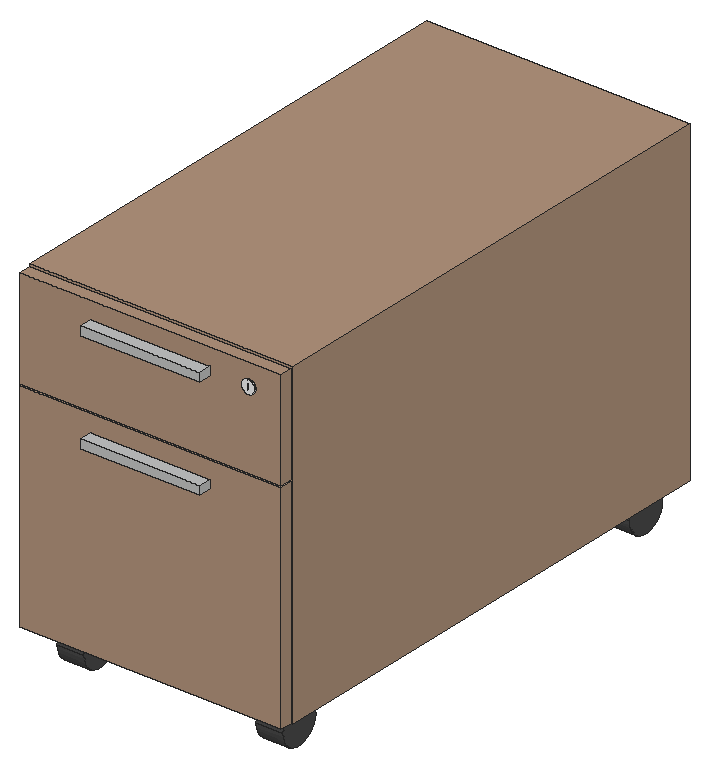
Revit family "Storage-Freestanding-Teknion-RBSP_Pedestal-R2019", category Furniture, Revit 2019
Family settings
  OmniClass Number = 23.40.20.00
  OmniClass Title = General Furniture and Specialties
  Work Plane-Based = No
  Always vertical = Yes
  Cut with Voids When Loaded = No
  Shared = Yes
  Room Calculation Point = No
Parameters (values of type "Mobile, 22" Height, Box, File")
  Warranty = "http://www.teknion.com/ca/papers/legal-canada"
  Unit Weight URL = "http://www.teknion.com/ca/tools/assets#&asset=bee6a381-b954-425e-8283-5a2de3a804f2,f828d448-4b62-4231-9e5f-9a8991c0ed77"
  URL = "www.teknion.com"
  Top Drawer Cutout = 0.500"
  To render please download texture images found here [instance] = "https://assets.teknion.com/web/5e81352c1dfdb467/revit-material-swatches/"
  Third Handle = no
  Sustainability Data = "https://www.teknion.com/ca/tools/assets#&topic=216f99a5-57a0-44fc-b10a-9dee9b29ae4c&asset=444deb64-fe58-4b68-981e-f75e97781df7,b4ff2d81-9f2e-437d-9659-7cffb09c31cf"
  Stationary = no
  Series = "Expansion Desking"  # constant formula
  Pull Finish [instance] = Paint - Teknion - Mica - Platinum
  Product Page URL = "https://www.teknion.com/ca/products/product-details?productLineId=2b4e336e-8e7a-673b-a6c8-ff00004460c4"
  Product Line = "Expansion Desking"  # constant formula
  Product Documentation Link = "https://www.teknion.com/pricing/expansion-desking/pdfs/RBSP_ppg.pdf"
  Part Number = "RBSP"
  Model = "RBSPM__220612"
  Mobile = yes
  Manufacturer Phone = "416-661-3370"  # constant formula
  Manufacturer Fax = "416.661.4586"  # constant formula
  Manufacturer Contact Information = "http://www.teknion.com/ca/contactus"
  Manufacturer Address = "1150 Flint Road, Toronto, ON. M3J 2J5. Canada"  # constant formula
  Manufacturer = "Teknion"  # constant formula
  How To Use Teknion Materials User Guide [instance] = "https://assets.teknion.com/m/205dd0a49fa58060/original/How-to-add-a-Material-Library-and-Texture-Images-to-your-Revit-project.pdf"
  Height = 21.224"
  For Additional Finishes please visit [instance] = "https://assets.teknion.com/m/44a8009b046e5d47/original/Teknion_Materials_Library.zip"
  Drawer Front Finish [instance] = Source Laminate - Teknion - 3M - Provincial Oak
  Description = "Pedestal, Mobile, 22\" Height, Box, File Drawer Configuration"
  Depth [instance] = 30.000"
  Case Finish [instance] = Source Laminate - Teknion - 3M - Provincial Oak
  Bottom of Top Drawer = 21.224"
  Bottom of Middle Drawer = 15.25984"
  Bottom of Drawers = 2.41732"
  Bottom of Case = 2.37795"
  Bottom Drawer Handle Offset = 1.128"
  Box, File = yes
  Available Depths [instance] = if([Box, File], "18\", or 22\"", "18\", 20\", 22\", 24\", and 30\"")  # "18\", or 22\""
  Assembly Code = "E2020200"
Types (7): name | Top Drawer Cutout | Third Handle | Stationary | Model | Mobile | Height | Description | Bottom of Top Drawer | Bottom of Middle Drawer | Bottom of Drawers | Bottom of Case | Bottom Drawer Handle Offset | Box, File | Available Depths
  (no name) | 0.500" | no | no | "RBSPM__220612" | yes | 21.224" | "Pedestal, Mobile, 22\" Height, Box, File Drawer Configuration" | 21.224" | 15.25984" | 2.41732" | 2.37795" | 1.128" | yes | "18\", or 22\""
  Stationary, 28" Height, Box, Box, File | 3.000" | yes | yes | "RBSPS__286612" | no | 27.441" | "Pedestal, Stationary, 28\" Height, Box, Box, File Drawer Configuration" | 21.201" | 14.961" | 1.764" | 0.602" | 0.577" | no | "18\", 20\", 22\", 24\", and 30\""
  Mobile, 28" Height, Box, Box, File | 3.000" | yes | no | "RBSPM__286612" | yes | 27.189" | "Pedestal, Mobile, 28\" Height, Box, Box, File Drawer Configuration" | 21.224" | 15.25984" | 2.41732" | 2.37795" | 1.128" | no | "18\", 20\", 22\", 24\", and 30\""
  Stationary, 22" Height, Box, File | 0.500" | no | yes | "RBSPS__220612" | no | 21.201" | "Pedestal, Stationary, 22\" Height, Box, File Drawer Configuration" | 21.201" | 14.961" | 1.764" | 0.602" | 1.128" | yes | "18\", or 22\""
  Mobile, 22" Height, Box, File | 0.500" | no | no | "RBSPM__220612" | yes | 21.224" | "Pedestal, Mobile, 22\" Height, Box, File Drawer Configuration" | 21.224" | 15.25984" | 2.41732" | 2.37795" | 1.128" | yes | "18\", or 22\""
  Stationary, 28" Height, File, File | 0.500" | no | yes | "RBSPS__281212" | no | 27.441" | "Pedestal, Stationary, 28\" Height, File, File Drawer Configuration" | 21.201" | 14.961" | 1.764" | 0.602" | 1.128" | no | "18\", 20\", 22\", 24\", and 30\""
  Mobile, 28" Height, File, File | 0.500" | no | no | "RBSPM__281212" | yes | 27.189" | "Pedestal, Mobile, 28\" Height, File, File Drawer Configuration" | 21.224" | 15.25984" | 2.41732" | 2.37795" | 1.128" | no | "18\", 20\", 22\", 24\", and 30\""
Reference planes (in)
  plane 1 "Center Front/Back": y = 0
  plane 2: z = 0
  plane 3 "Center Left/Right": x = 0
  plane 4 "Left": x = -7.75
  plane 5 "Right": x = 7.75
  plane 6 "Back": y = 15
  plane 7 "Front": y = -15
  plane 8 "Top": z = 21.224
  plane 9 "Bottom of Case": z = 2.37795
  plane 10 "Bottom of Drawer": z = 2.41732
  plane 11 "Bottom of Middle Drawer": z = 15.25984
  plane 12 "Bottom of Top Drawer": z = 21.224
Forms (in)
  Sweep 1, solid, material "Source Laminate - Teknion - 3M - Provincial Oak" <- "Case Finish"
    path origin (0, 0, 0) x (1, 0, 0) y (0, 0, 1)
      loop
        line (0, 2.37795) -> (0, 21.224)
    profile origin (0, 0, 11.80098) x (-1, 0, 0) y (0, -1, 0)
      loop
        line (7.75, -15) -> (7.75, 14.22047) -> (-7.75, 14.22047) -> (-7.75, -15) -> (7.75, -15)
  Sweep 2, solid, material "Source Laminate - Teknion - 3M - Provincial Oak" <- "Drawer Front Finish"
    path origin (0, 0, 0) x (1, 0, 0) y (0, 1, 0)
      loop
        line (0, -15) -> (0, -14.29921)
    profile origin (0, -14.64961, 0) x (-1, 0, 0) y (0, 0, 1)
      loop
        line (7.69094, 15.14184) -> (-7.69095, 15.14184) -> (-7.69095, 2.41732) -> (7.69094, 2.41732) -> (7.69094, 15.14184)
      loop
        line (7.69094, 15.25984) -> (7.69094, 21.10589) -> (-7.69095, 21.10589) -> (-7.69095, 15.25984) -> (7.69094, 15.25984)
  Sweep 3, void
    path origin (0, 0, 0) x (1, 0, 0) y (0, 1, 0)
      loop
        line (0, -16.72047) -> (0, -17.22047)
    profile origin (0, -16.97047, 0) x (1, 0, 0) y (0, 0, 1)
      loop
        line (-7.69094, 21.224) -> (-7.69094, 21.106) -> (7.69095, 21.106) -> (7.69095, 21.224) -> (-7.69094, 21.224)
  Sweep 4, solid, material "Paint - Teknion - Mica - Platinum" <- "Pull Finish"
    path origin (0, 0, 0) x (1, 0, 0) y (0, 1, 0)
      loop
        line (-3.5, 0) -> (3.5, 0)
    profile origin (0, 0, 0) x (0, 1, 0) y (0, 0, 1)
      loop
        line (-15.75197, 20.096) -> (-15.75197, 19.596) -> (-15, 19.596) -> (-15, 20.096) -> (-15.75197, 20.096)
      loop
        line (-15.75197, 14.13184) -> (-15.75197, 13.63184) -> (-15, 13.63184) -> (-15, 14.13184) -> (-15.75197, 14.13184)
  Sweep 5, solid, material "Paint - Teknion - Mica - Platinum" <- "Pull Finish", visible <- "Third Handle"
    path origin (0, 0, 0) x (1, 0, 0) y (0, 1, 0)
      loop
        line (-3.5, 0) -> (3.5, 0)
    profile origin (0, 0, 0) x (0, 1, 0) y (0, 0, 1)
      loop
        line (-15.75197, 20.096) -> (-15.75197, 19.596) -> (-15, 19.596) -> (-15, 20.096) -> (-15.75197, 20.096)
  Sweep 6, solid, material "Metal - Teknion - C6 - Chrome"
    path origin (0, 0, 0) x (1, 0, 0) y (0, 1, 0)
      loop
        line (0, -15.05906) -> (0, -15)
    profile origin (0, -15.02953, 0) x (-1, 0, 0) y (0, 0, 1)
      loop
        circle (-5.80118, 19.84602) r 0.3937
      loop
        line (-5.75197, 20.03303) -> (-5.85039, 20.03303) -> (-5.85039, 19.65902) -> (-5.75197, 19.65902) -> (-5.75197, 20.03303)
  Sweep 7, solid, material "Plastic - Teknion - E - Ebony", visible <- "Mobile"
    path origin (0, 0, 0) x (1, 0, 0) y (0, 1, 0)
      loop
        line (-6.64764, 0) -> (-5.07283, 0)
    profile origin (-5.86024, 0, 0) x (0, 1, 0) y (0, 0, 1)
      loop
        circle (13.14567, 1.18898) r 1.18898
      loop
        circle (-12.36614, 1.18898) r 1.18898
  Sweep 8, solid, material "Plastic - Teknion - E - Ebony", visible <- "Mobile"
    path origin (0, 0, 0) x (1, 0, 0) y (0, 1, 0)
      loop
        line (5.07283, 0) -> (6.64764, 0)
    profile origin (5.86024, 0, 0) x (0, 1, 0) y (0, 0, 1)
      loop
        circle (13.14567, 1.18898) r 1.18898
      loop
        circle (-12.36614, 1.18898) r 1.18898
  Sweep 9, solid, material "Plastic - Teknion - E - Ebony", visible <- "Stationary"
    path origin (0, 0, 0) x (1, 0, 0) y (0, 0, 1)
      loop
        line (0, 0) -> (0, 0.60236)
    profile origin (0, 0, 0.30118) x (-1, 0, 0) y (0, -1, 0)
      loop
        circle (6.49016, 13.5748) r 0.5
      loop
        circle (-6.49016, 13.5748) r 0.5
      loop
        circle (6.49016, -14.35433) r 0.5
      loop
        circle (-6.49016, -14.35433) r 0.5
Cuts and joins
  Sweep 3 cuts Sweep 2
Lines and regions (in)
  Masking region 1
    outline origin (0, 0, 0) x (1, 0, 0) y (0, 1, 0)
      loop
        line (-7.75, 15) -> (-7.75, -14.22047) -> (7.75, -14.22047) -> (7.75, 15) -> (-7.75, 15)
      loop
        line (-3.5, -15) -> (-3.5, -15.75197) -> (3.5, -15.75197) -> (3.5, -15) -> (-3.5, -15)
      loop
        line (5.40748, -15.05906) -> (6.19488, -15.05906) -> (6.19488, -15) -> (5.40748, -15) -> (5.40748, -15.05906)
  Masking region 2
    outline origin (0, 0, 0) x (1, 0, 0) y (0, 1, 0)
      loop
        line (-7.69094, -14.29921) -> (-7.69094, -15) -> (7.69095, -15) -> (7.69095, -14.29921) -> (-7.69094, -14.29921)
  symbolic lines, style "FurnitureHiddenLines", visible <- "Mobile", detail levels fine
    curve 1: line (-6.64764, -11.17717, 0) -> (-5.07283, -11.17717, 0)
    curve 2: line (-6.64764, -13.55512, 0) -> (-6.64764, -11.17717, 0)
    curve 3: line (-5.07283, -13.55512, 0) -> (-6.64764, -13.55512, 0)
    curve 4: line (-5.07283, -11.17717, 0) -> (-5.07283, -13.55512, 0)
    curve 5: line (5.07283, -11.17717, 0) -> (6.64764, -11.17717, 0)
    curve 6: line (5.07283, -13.55512, 0) -> (5.07283, -11.17717, 0)
    curve 7: line (6.64764, -13.55512, 0) -> (5.07283, -13.55512, 0)
    curve 8: line (6.64764, -11.17717, 0) -> (6.64764, -13.55512, 0)
    curve 9: line (-5.07283, 11.95669, 0) -> (-6.64764, 11.95669, 0)
    curve 10: line (-5.07283, 14.33465, 0) -> (-5.07283, 11.95669, 0)
    curve 11: line (-6.64764, 14.33465, 0) -> (-5.07283, 14.33465, 0)
    curve 12: line (-6.64764, 11.95669, 0) -> (-6.64764, 14.33465, 0)
    curve 13: line (5.07283, 11.95669, 0) -> (6.64764, 11.95669, 0)
    curve 14: line (5.07283, 14.33465, 0) -> (5.07283, 11.95669, 0)
    curve 15: line (6.64764, 14.33465, 0) -> (5.07283, 14.33465, 0)
    curve 16: line (6.64764, 11.95669, 0) -> (6.64764, 14.33465, 0)
  symbolic lines, style "FurnitureHiddenLines", detail levels fine
    curve 17: arc (-6.99016, 14.35433, 0) -> (-6.49016, 13.85433, 0) -> (-5.99016, 14.35433, 0) r 0.5
    curve 18: arc (-5.99016, 14.35433, 0) -> (-6.49016, 14.85433, 0) -> (-6.99016, 14.35433, 0) r 0.5
    curve 19: arc (5.99016, 14.35433, 0) -> (6.49016, 13.85433, 0) -> (6.99016, 14.35433, 0) r 0.5
    curve 20: arc (6.99016, 14.35433, 0) -> (6.49016, 14.85433, 0) -> (5.99016, 14.35433, 0) r 0.5
    curve 21: arc (-6.99016, -13.5748, 0) -> (-6.49016, -14.0748, 0) -> (-5.99016, -13.5748, 0) r 0.5
    curve 22: arc (-5.99016, -13.5748, 0) -> (-6.49016, -13.0748, 0) -> (-6.99016, -13.5748, 0) r 0.5
    curve 23: arc (5.99016, -13.5748, 0) -> (6.49016, -14.0748, 0) -> (6.99016, -13.5748, 0) r 0.5
    curve 24: arc (6.99016, -13.5748, 0) -> (6.49016, -13.0748, 0) -> (5.99016, -13.5748, 0) r 0.5
  reference lines
    curve 25: line (-7.75, 15, 0) -> (7.75, 15, 0)
    curve 26: line (-7.75, -15, 0) -> (7.75, -15, 0)
Dimensions and locks (in)
  equal spacing: plane 4 "Left", plane 3 "Center Left/Right", plane 5 "Right"
  "Depth": plane 6 "Back" to plane 7 "Front"
  "Height": plane 8 "Top" to level
  locked: plane 4 "Left" to plane 5 "Right" at 15.5
  equal spacing: plane 6 "Back", plane 1 "Center Front/Back", plane 7 "Front"
  "Bottom of Case": plane 9 "Bottom of Case" to level
  "Bottom of Drawers": plane 10 "Bottom of Drawer" to level
  "Bottom of Middle Drawer": plane 11 "Bottom of Middle Drawer" to level
  "Bottom of Top Drawer": plane 12 "Bottom of Top Drawer" to level
  locked: plane 7 "Front" to Sweep 1 sketch curve at 0.77953
  locked: plane 7 "Front" to Sweep 2 sketch curve at 0.70079
  locked: plane 8 "Top" to Sweep 2 sketch curve at 0.11811
  plane 11 "Bottom of Middle Drawer" to Sweep 2 sketch curve = 0.118"
  Sweep 2 sketch curve to Sweep 2 sketch curve to plane 4 "Left" = 0.000" locked, 0.05906" locked
  Sweep 2 sketch curve to Sweep 2 sketch curve to plane 5 "Right" = 0.000" locked, 0.05905" locked
  locked: Sweep 3 sketch curve to plane 7 "Front" at 2.22047
  "Top Drawer Cutout": Sweep 3 sketch curve to Sweep 3 sketch curve
  locked: Sweep 3 sketch curve to plane 5 "Right" at 0.05905
  locked: Sweep 3 sketch curve to plane 4 "Left" at 0.05906
  locked: plane 12 "Bottom of Top Drawer" to Sweep 3 sketch curve at 0.118
  Sweep 4 sketch curve to plane 3 "Center Left/Right" to Sweep 4 sketch curve = 3.500" locked, 3.500" locked
  plane 8 "Top" to Sweep 4 sketch curve to Sweep 4 sketch curve = 1.128" locked, 0.500" locked
  locked: Sweep 4 sketch curve to Sweep 4 sketch curve at 0.5
  "Bottom Drawer Handle Offset": plane 11 "Bottom of Middle Drawer" to Sweep 4 sketch curve
  Sweep 5 sketch curve to plane 3 "Center Left/Right" to Sweep 5 sketch curve = 3.500" locked, 3.500" locked
  plane 12 "Bottom of Top Drawer" to Sweep 5 sketch curve to Sweep 5 sketch curve = 1.128" locked, 0.500" locked
  plane 7 "Front" to Sweep 5 sketch curve to Sweep 5 sketch curve = 0.000" locked, 0.75197" locked
  Sweep 6 sketch curve to plane 7 "Front" to Sweep 6 sketch curve = 0.05906" locked, 0.000" locked
  locked: plane 8 "Top" to Sweep 6 sketch curve at 1.37798
  locked: Sweep 6 sketch curve to plane 5 "Right" at 1.94882
  plane 8 "Top" to Sweep 6 sketch curve to Sweep 6 sketch curve = 1.19097" locked, 0.37402" locked
  Sweep 6 sketch curve to Sweep 6 sketch curve to plane 5 "Right" = 0.09842" locked, 1.89961" locked
  Sweep 7 sketch curve to Sweep 7 sketch curve to plane 3 "Center Left/Right" = 1.5748" locked, 5.07283" locked
  Sweep 7 sketch curve to Sweep 7 sketch curve to level = 0.000" locked, 1.18898" locked
  plane 6 "Back" to Sweep 7 sketch curve = 1.85433"
  locked: Sweep 7 sketch curve to plane 7 "Front" at 2.63386
  plane 3 "Center Left/Right" to Sweep 8 sketch curve to Sweep 8 sketch curve = 5.07283" locked, 1.5748" locked
  Sweep 8 sketch curve to Sweep 8 sketch curve to level = 0.000" locked, 1.18898" locked
  locked: plane 6 "Back" to Sweep 8 sketch curve at 1.85433
  locked: Sweep 8 sketch curve to plane 7 "Front" at 2.63386
  Sweep 9 sketch curve to level to Sweep 9 sketch curve = 0.60236" locked, 0.000" locked
  Sweep 9 sketch curve to Sweep 9 sketch curve to plane 3 "Center Left/Right" to Sweep 9 sketch curve to Sweep 9 sketch curve = 0.000" locked, 6.49016" locked, 6.49016" locked, 0.000" locked
  plane 7 "Front" to Sweep 9 sketch curve to Sweep 9 sketch curve = 1.4252" locked, 0.000" locked
  plane 6 "Back" to Sweep 9 sketch curve to Sweep 9 sketch curve = 0.64567" locked, 0.000" locked
  locked: plane 7 "Front" to Masking region 1 sketch curve at 0.77953
  Masking region 1 sketch curve to Masking region 1 sketch curve to plane 7 "Front" to Masking region 1 sketch curve to Masking region 1 sketch curve = 0.69291" locked, 0.05906" locked, 0.000" locked, 0.000" locked
  Masking region 1 sketch curve to plane 3 "Center Left/Right" to Masking region 1 sketch curve to Masking region 1 sketch curve to Masking region 1 sketch curve = 3.500" locked, 3.500" locked, 1.90748" locked, 0.7874" locked
  Masking region 2 sketch curve to plane 3 "Center Left/Right" to Masking region 2 sketch curve = 7.69094" locked, 7.69095" locked
  plane 7 "Front" to Masking region 2 sketch curve to Masking region 2 sketch curve = 0.000" locked, 0.70079" locked
  plane 6 "Back" to curve 11 to curve 15 to curve 9 to curve 13 = 0.66535" locked, 0.000" locked, 2.37795" locked, 0.000" locked
  plane 7 "Front" to curve 3 to curve 7 to curve 1 to curve 5 = 1.44488" locked, 0.000" locked, 2.37795" locked, 0.000" locked
  plane 7 "Front" to Sweep 4 sketch curve to Sweep 4 sketch curve = 0.75197" locked, 0.000" locked
  aligned and locked: level to plane 2
  aligned and locked: plane 9 "Bottom of Case" to Sweep 1 sketch curve
  aligned and locked: plane 3 "Center Left/Right" to Sweep 1 sketch curve
  aligned and locked: plane 8 "Top" to Sweep 1 sketch curve
  aligned and locked: plane 4 "Left" to Sweep 1 sketch curve
  aligned and locked: plane 5 "Right" to Sweep 1 sketch curve
  aligned and locked: Sweep 1 sketch curve to plane 6 "Back"
  aligned and locked: Sweep 2 sketch curve to plane 3 "Center Left/Right"
  aligned and locked: plane 7 "Front" to Sweep 2 sketch curve
  aligned and locked: plane 10 "Bottom of Drawer" to Sweep 2 sketch curve
  aligned and locked: Sweep 2 sketch curve to plane 11 "Bottom of Middle Drawer"
  aligned and locked: Sweep 3 sketch curve to plane 12 "Bottom of Top Drawer"
  aligned and locked: plane 1 "Center Front/Back" to Sweep 4 sketch curve
  aligned and locked: plane 1 "Center Front/Back" to Sweep 5 sketch curve
  aligned and locked: Sweep 6 sketch curve to plane 3 "Center Left/Right"
  aligned and locked: plane 1 "Center Front/Back" to Sweep 7 sketch curve
  aligned and locked: plane 1 "Center Front/Back" to Sweep 8 sketch curve
  aligned and locked: plane 3 "Center Left/Right" to Sweep 9 sketch curve
  aligned and locked: Masking region 1 sketch curve to plane 6 "Back"
  aligned and locked: Masking region 1 sketch curve to plane 5 "Right"
  aligned and locked: Masking region 1 sketch curve to plane 4 "Left"
  aligned and locked: curve 2 to Sweep 7
  aligned and locked: curve 4 to Sweep 7
  aligned and locked: curve 6 to Sweep 8
  aligned and locked: curve 8 to Sweep 8
  aligned and locked: curve 10 to Sweep 7
  aligned and locked: Sweep 7 to curve 12
  aligned and locked: curve 14 to Sweep 8
  aligned and locked: Sweep 8 to curve 16
  aligned and locked: curve 17 to Sweep 9
  aligned and locked: curve 18 to Sweep 9
  aligned and locked: curve 19 to Sweep 9
  aligned and locked: curve 20 to Sweep 9
  aligned and locked: curve 21 to Sweep 9
  aligned and locked: curve 22 to Sweep 9
  aligned and locked: curve 23 to Sweep 9
  aligned and locked: curve 24 to Sweep 9
  aligned and locked: curve 25 to plane 6 "Back"
  aligned and locked: curve 26 to plane 7 "Front"
  aligned and locked: Sweep 4 sketch curve to plane 7 "Front"  (x2)
Automatic sketch dimensions
  Sweep 8 sketch curve to Sweep 8 sketch curve = 1.18898"  (x2)
  curve 25 to plane 4 "Left" = 0.000"
  curve 25 to plane 5 "Right" = 0.000"
  curve 26 to plane 4 "Left" = 0.000"
  curve 26 to plane 5 "Right" = 0.000"
  Sweep 3 sketch curve to plane 3 "Center Left/Right" = 0.000"
  radius of Sweep 6 sketch curve = 0.3937"
  radius of Sweep 7 sketch curve = 1.18898"  (x2)
  radius of Sweep 9 sketch curve = 0.500"  (x4)
